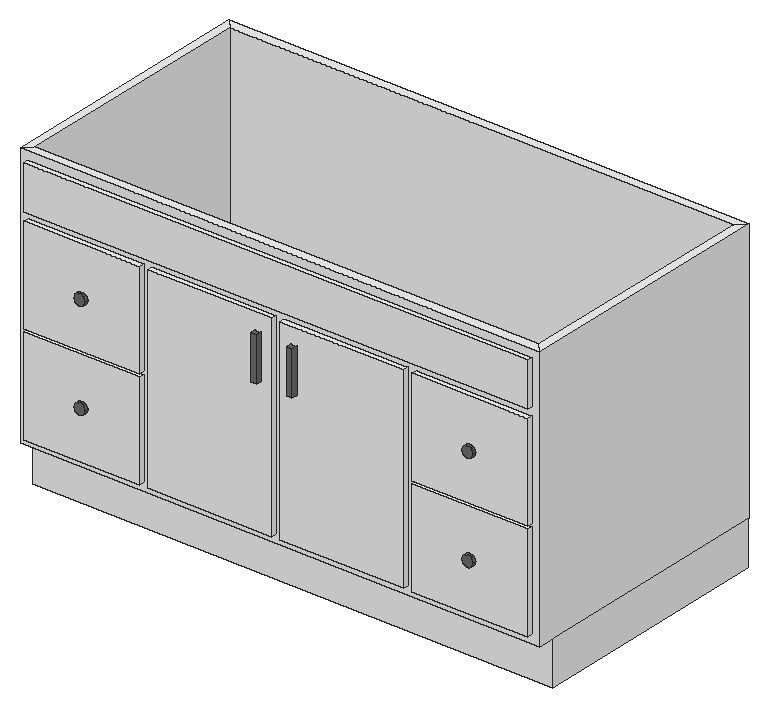
Revit family "M_Armário de banheiro-Porta dupla e 4 gavetas", category Componentes de gabinete, Revit 2019
Family settings
  Número OmniClass = 23.40.35.17.47.14
  Título OmniClass = Bathroom Casework
  ID de item do Seek = Vanity Cabinet-Double Door & 4 Drawer-0000-CAN-ENU
  Com base no plano de trabalho = Não
  Sempre na vertical = Sim
  Corte com vazios quando carregada = Não
  Compartilhado = Não
  Ponto de cálculo do ambiente = Não
Parameters (values of type "1200mm")
  Material do armário = none
  Linear = 600 mm
  Material da porta/gaveta = none
  Material do puxador = Armários - Puxadores
  Altura = 710 mm
  Profundidade da plataforma = 35 mm
  Altura do plinto = 100 mm
  Largura = 1200 mm
Reference planes
  plane 1 "Parte posterior": y = 0
  plane 2: z = 0
  plane 3 "Centro": x = 90.845
  plane 4 "Esquerda": x = -509.155
  plane 5 "Direita": x = 690.845
  plane 6 "Parte frontal": y = -600
  plane 7 "Superior": z = 710
  plane 8: y = -565
  plane 9: z = 100
  plane 10: z = 690.95
  plane 11: z = 119.05
  plane 12: x = -490.105
  plane 13: x = 671.795
  plane 14: z = 589.35
  plane 15: z = 570.3
  plane 16: z = 532.2
  plane 17: z = 430.6
  plane 18: x = 55.92
  plane 19: x = 43.22
  plane 20: x = 81.32
  plane 21: x = 100.37
  plane 22: x = 386.082
  plane 23: z = 457.488
  plane 24: z = 231.862
  plane 25: z = 344.675
  plane 26: x = -204.393
  plane 27: x = -213.918
  plane 28: x = -223.443
  plane 29: x = 405.132
  plane 30: x = 395.607
  plane 31: x = 538.464
  plane 32: x = -356.774
  plane 33: x = 125.77
  plane 34: x = 138.47
Forms (mm)
  Extrusion 1, solid, material <- "Material do armário"
    sketch origin (0, 0, 0) x (1, 0, 0) y (0, 1, 0)
      loop
        line (-509.155, 0) -> (-509.155, -565) -> (690.845, -565) -> (690.845, 0) -> (-509.155, 0)
    from 0 to 100
  Sweep 2, solid, material <- "Material do armário"
    path origin (0, 0, 0) x (1, 0, 0) y (0, 1, 0)
      loop
        line (690.845, 0) -> (-509.155, 0) -> (-509.155, -600) -> (690.845, -600) -> (690.845, 0)
    profile origin (0, -300, 0) x (1, 0, 0) y (0, 0, 1)
      loop
        line (690.845, 100) -> (690.845, 710) -> (671.795, 710) -> (671.795, 100) -> (690.845, 100)
  Extrusion 3, solid, material "Armários"
    sketch origin (0, 0, 0) x (1, 0, 0) y (0, 1, 0)
      loop
        line (-490.105, -19.05) -> (-490.105, -580.95) -> (671.795, -580.95) -> (671.795, -19.05) -> (-490.105, -19.05)
    from 119.05 to 100
  Extrusion 4, solid, material "Armários - Puxadores" <- "Material do puxador"
    sketch origin (0, -600, 0) x (1, 0, 0) y (0, 0, 1)
      loop
        circle (538.464, 231.862) r 12.7
      loop
        circle (538.464, 457.488) r 12.7
    from 12.7 to 19.05
  Extrusion 5, solid, material "Armários - Puxadores" <- "Material do puxador"
    sketch origin (0, -600, 0) x (1, 0, 0) y (0, 0, 1)
      loop
        circle (-356.774, 457.488) r 12.7
      loop
        circle (-356.774, 231.862) r 12.7
    from 12.7 to 19.05
  Extrusion 6, solid, material <- "Material da porta/gaveta"
    sketch origin (0, -600, 0) x (1, 0, 0) y (0, 0, 1)
      loop
        line (671.795, 690.95) -> (-490.105, 690.95) -> (-490.105, 589.35) -> (671.795, 589.35) -> (671.795, 690.95)
      loop
        line (671.795, 570.3) -> (405.132, 570.3) -> (405.132, 347.85) -> (671.795, 347.85) -> (671.795, 570.3)
      loop
        line (671.795, 119.05) -> (671.795, 341.5) -> (405.132, 341.5) -> (405.132, 119.05) -> (671.795, 119.05)
      loop
        line (-223.443, 570.3) -> (-490.105, 570.3) -> (-490.105, 347.85) -> (-223.443, 347.85) -> (-223.443, 570.3)
      loop
        line (-223.443, 119.05) -> (-223.443, 341.5) -> (-490.105, 341.5) -> (-490.105, 119.05) -> (-223.443, 119.05)
      loop
        line (-204.393, 570.3) -> (-204.393, 119.05) -> (81.32, 119.05) -> (81.32, 570.3) -> (-204.393, 570.3)
      loop
        line (100.37, 570.3) -> (100.37, 119.05) -> (386.082, 119.05) -> (386.082, 570.3) -> (100.37, 570.3)
    from 0 to 12.7
  Extrusion 7, solid, material "Armários - Puxadores" <- "Material do puxador"
    sketch origin (0, -600, 0) x (1, 0, 0) y (0, 0, 1)
      loop
        line (43.22, 532.2) -> (43.22, 430.6) -> (55.92, 430.6) -> (55.92, 532.2) -> (43.22, 532.2)
      loop
        line (125.77, 532.2) -> (125.77, 430.6) -> (138.47, 430.6) -> (138.47, 532.2) -> (125.77, 532.2)
    from 12.7 to 25.4
Lines and regions (mm)
  Masking region 1
    outline origin (0, 0, 0) x (1, 0, 0) y (0, 1, 0)
      loop
        line (-509.155, 0) -> (-509.155, -600) -> (690.845, -600) -> (690.845, 0) -> (-509.155, 0)
  model lines
    curve 1: line (671.795, -600, 589.35) -> (-490.105, -600, 589.35)
    curve 2: line (671.795, -600, 690.95) -> (671.795, -600, 589.35)
    curve 3: line (-490.105, -600, 690.95) -> (671.795, -600, 690.95)
    curve 4: line (-490.105, -600, 589.35) -> (-490.105, -600, 690.95)
    curve 5: line (-490.105, -600, 570.3) -> (-223.443, -600, 570.3)
    curve 6: line (-490.105, -600, 119.05) -> (-490.105, -600, 570.3)
    curve 7: line (43.22, -600, 532.2) -> (55.92, -600, 532.2)
    curve 8: line (43.22, -600, 430.6) -> (43.22, -600, 532.2)
    curve 9: line (55.92, -600, 430.6) -> (43.22, -600, 430.6)
    curve 10: line (55.92, -600, 532.2) -> (55.92, -600, 430.6)
    curve 11: line (81.32, -600, 119.05) -> (81.32, -600, 570.3)
    curve 12: line (81.32, -600, 119.05) -> (-204.393, -600, 119.05)
    curve 18: line (405.132, -600, 570.3) -> (405.132, -600, 119.05)
    curve 19: line (-204.393, -600, 570.3) -> (-204.393, -600, 119.05)
    curve 20: line (-223.443, -600, 570.3) -> (-223.443, -600, 119.05)
    curve 21: line (386.082, -600, 570.3) -> (386.082, -600, 119.05)
    curve 22: line (-223.443, -600, 344.675) -> (-490.105, -600, 344.675)
    curve 23: line (125.77, -600, 532.2) -> (138.47, -600, 532.2)
    curve 24: line (125.77, -600, 430.6) -> (125.77, -600, 532.2)
    curve 25: line (138.47, -600, 430.6) -> (125.77, -600, 430.6)
    curve 26: line (138.47, -600, 532.2) -> (138.47, -600, 430.6)
    curve 29: line (-204.393, -600, 570.3) -> (81.32, -600, 570.3)
    curve 30: line (-223.443, -600, 119.05) -> (-490.105, -600, 119.05)
  model lines, style "Casework"
    curve 13: line (100.37, -600, 119.05) -> (386.082, -600, 119.05)
    curve 14: line (100.37, -600, 570.3) -> (100.37, -600, 119.05)
    curve 15: line (671.795, -600, 570.3) -> (405.132, -600, 570.3)
    curve 16: line (671.795, -600, 119.05) -> (671.795, -600, 570.3)
    curve 17: line (671.795, -600, 344.675) -> (405.132, -600, 344.675)
    curve 27: line (386.082, -600, 570.3) -> (100.37, -600, 570.3)
    curve 28: line (405.132, -600, 119.05) -> (671.795, -600, 119.05)
  symbolic lines, style "Giro da elevação"
    curve 31: line (81.32, 0, 570.3) -> (-204.393, 0, 344.675)
    curve 32: line (-204.393, 0, 344.675) -> (81.32, 0, 119.05)
    curve 33: line (100.37, 0, 119.05) -> (386.082, 0, 344.675)
    curve 34: line (386.082, 0, 344.675) -> (100.37, 0, 570.3)
Dimensions and locks
  "Linear": plane 6 "Parte frontal" to plane 1 "Parte posterior"
  "Largura": plane 4 "Esquerda" to plane 5 "Direita"
  equal spacing: plane 4 "Esquerda", plane 3 "Centro", plane 5 "Direita"
  "Altura": level to plane 7 "Superior"
  "Altura do plinto": plane 2 to plane 9
  "Profundidade da plataforma": plane 6 "Parte frontal" to plane 8
  locked: plane 4 "Esquerda" to plane 12 at 19.05
  locked: plane 13 to plane 5 "Direita" at 19.05
  locked: plane 7 "Superior" to plane 10 at 19.05
  locked: plane 11 to plane 9 at 19.05
  plane 10 to plane 14 to plane 15 = 101.6 mm locked, 19.05 mm locked
  plane 15 to plane 16 to plane 17 = 38.1 mm locked, 101.6 mm locked
  plane 21 to plane 3 "Centro" to plane 20 = 9.525 mm locked, 9.525 mm locked
  plane 20 to plane 18 to plane 19 = 25.4 mm locked, 12.7 mm locked
  equal spacing: plane 13, plane 22, plane 21
  locked: plane 2 to level at 0
  equal spacing: plane 14, plane 25, plane 9
  equal spacing: plane 25, plane 24, plane 11
  equal spacing: plane 15, plane 23, plane 25
  plane 26 to plane 27 to plane 28 = 9.525 mm locked, 9.525 mm locked
  equal spacing: plane 20, plane 26, plane 12
  equal spacing: plane 13, plane 31, plane 29
  plane 29 to plane 30 to plane 22 = 9.525 mm locked, 9.525 mm locked
  equal spacing: plane 12, plane 32, plane 28
  plane 21 to plane 33 to plane 34 = 25.4 mm, 12.7 mm
  aligned and locked: plane 1 "Parte posterior" to Extrusion 1 sketch curve
  aligned and locked: Extrusion 1 sketch curve to plane 5 "Direita"
  aligned and locked: Extrusion 1 sketch curve to plane 8
  aligned and locked: plane 4 "Esquerda" to Extrusion 1 sketch curve
  aligned and locked: Extrusion 1 to level
  aligned and locked: Sweep 2 sketch curve to plane 6 "Parte frontal"
  aligned and locked: plane 1 "Parte posterior" to Sweep 2 sketch curve
  aligned and locked: Sweep 2 sketch curve to plane 5 "Direita"  (x2)
  aligned and locked: plane 4 "Esquerda" to Sweep 2 sketch curve
  aligned and locked: plane 7 "Superior" to Sweep 2 sketch curve
  aligned and locked: Sweep 2 sketch curve to plane 9
  aligned and locked: Sweep 2 to Extrusion 3 sketch curve  (x2)
  aligned and locked: Extrusion 3 sketch curve to Sweep 2  (x2)
  aligned and locked: Extrusion 3 to plane 11
  aligned and locked: plane 9 to Extrusion 3
  aligned and locked: Extrusion 1 to plane 9
  aligned and locked: plane 21 to curve 13
  aligned and locked: plane 11 to curve 13
  aligned and locked: plane 15 to curve 16
  aligned and locked: curve 16 to Sweep 2
  aligned and locked: curve 17 to plane 25
  aligned and locked: plane 1 "Parte posterior" to Masking region 1 sketch curve
  aligned and locked: Masking region 1 sketch curve to plane 5 "Direita"
  aligned and locked: Masking region 1 sketch curve to plane 6 "Parte frontal"
  aligned and locked: plane 4 "Esquerda" to Masking region 1 sketch curve
Automatic sketch dimensions
  profile plane to Sweep 2 sketch curve = 19.05 mm
  Extrusion 4 sketch curve to plane 23 = 0 mm
  Extrusion 4 sketch curve to plane 24 = 0 mm
  Extrusion 4 sketch curve to plane 31 = 0 mm  (x2)
  Extrusion 4 sketch curve to Extrusion 4 sketch curve = 12.7 mm  (x2)
  Extrusion 5 sketch curve to plane 24 = 0 mm
  Extrusion 5 sketch curve to plane 23 = 0 mm
  Extrusion 5 sketch curve to plane 32 = 0 mm  (x2)
  Extrusion 5 sketch curve to Extrusion 5 sketch curve = 12.7 mm  (x2)
  Extrusion 6 sketch curve to plane 12 = 0 mm  (x3)
  Extrusion 6 sketch curve to plane 10 = 0 mm
  Extrusion 6 sketch curve to plane 28 = 0 mm  (x2)
  Extrusion 6 sketch curve to plane 15 = 0 mm  (x4)
  Extrusion 6 sketch curve to plane 26 = 0 mm
  Extrusion 6 sketch curve to plane 11 = 0 mm  (x4)
  Extrusion 6 sketch curve to plane 20 = 0 mm
  Extrusion 6 sketch curve to plane 21 = 0 mm
  Extrusion 6 sketch curve to plane 22 = 0 mm
  Extrusion 6 sketch curve to plane 29 = 0 mm  (x2)
  Extrusion 6 sketch curve to plane 13 = 0 mm  (x3)
  Extrusion 6 sketch curve to plane 14 = 0 mm
  plane 25 to Extrusion 6 sketch curve = 3.175 mm  (x2)
  Extrusion 6 sketch curve to plane 25 = 3.175 mm  (x2)
  Extrusion 7 sketch curve to plane 17 = 0 mm  (x2)
  Extrusion 7 sketch curve to plane 19 = 0 mm
  Extrusion 7 sketch curve to plane 18 = 0 mm
  Extrusion 7 sketch curve to plane 16 = 0 mm  (x2)
  Extrusion 7 sketch curve to plane 33 = 0 mm
  Extrusion 7 sketch curve to plane 34 = 0 mm
  curve 1 to plane 13 = 0 mm
  curve 18 to plane 29 = 0 mm
  curve 27 to plane 15 = 0 mm
  curve 27 to plane 22 = 0 mm
  curve 33 to plane 22 = 0 mm
  curve 23 to plane 16 = 0 mm
  curve 23 to plane 34 = 0 mm
  curve 25 to plane 17 = 0 mm
  curve 25 to plane 33 = 0 mm
  curve 33 to plane 11 = 0 mm
  curve 33 to plane 21 = 0 mm
  curve 34 to plane 15 = 0 mm
  curve 34 to plane 21 = 0 mm
  curve 12 to plane 11 = 0 mm
  curve 12 to plane 20 = 0 mm
  curve 32 to plane 11 = 0 mm
  curve 32 to plane 20 = 0 mm
  curve 31 to plane 15 = 0 mm
  curve 31 to plane 20 = 0 mm
  curve 10 to plane 16 = 0 mm
  curve 10 to plane 18 = 0 mm
  curve 9 to plane 17 = 0 mm
  curve 9 to plane 19 = 0 mm
  curve 19 to plane 11 = 0 mm
  curve 19 to plane 26 = 0 mm
  curve 31 to plane 25 = 0 mm
  curve 31 to plane 26 = 0 mm
  curve 29 to plane 15 = 0 mm
  curve 29 to plane 26 = 0 mm
  curve 12 to plane 26 = 0 mm
  curve 20 to plane 15 = 0 mm
  curve 20 to plane 28 = 0 mm
  curve 5 to plane 15 = 0 mm
  curve 5 to plane 28 = 0 mm
  curve 30 to plane 11 = 0 mm
  curve 30 to plane 28 = 0 mm
  curve 3 to plane 10 = 0 mm
  curve 3 to plane 12 = 0 mm
  curve 22 to plane 12 = 0 mm
  curve 6 to plane 12 = 0 mm
  curve 1 to plane 14 = 0 mm
  curve 19 to plane 15 = 0 mm
  curve 22 to plane 25 = 0 mm
  curve 33 to plane 25 = 0 mm
  curve 16 to plane 11 = 0 mm
  curve 20 to plane 11 = 0 mm
